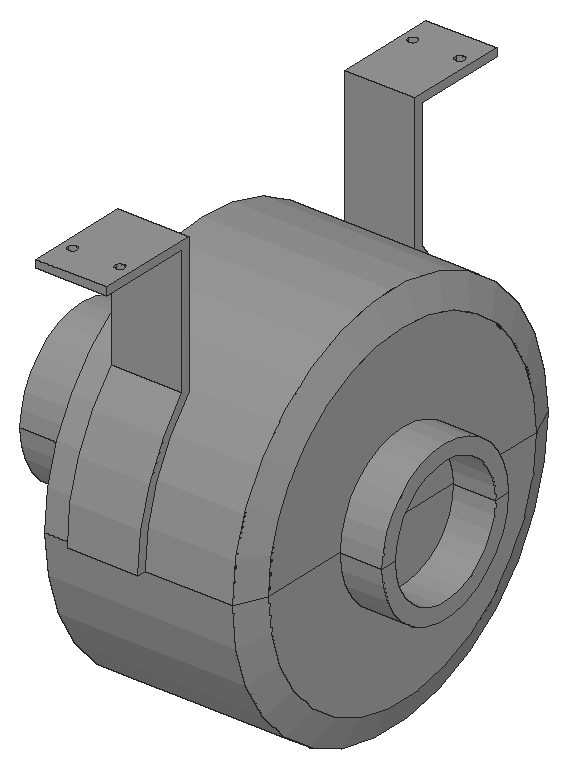
Revit family "Centro", category Mechanical Equipment, Revit 2021
Family settings
  Round Connector Dimension = Use Diameter
  Classification = None
  Part Type = Normal
  Work Plane-Based = No
  Always vertical = Yes
  Cut with Voids When Loaded = No
  Shared = No
  Room Calculation Point = No
Parameters (values of type "Centro 100")
  Сonnector E = not(or(Сonnector, Сonnector at an angle))  # yes
  Width = B1  # 310 mm
  Weight = 2.22 kg
  Temperature of moving air = "-25...+55 °C"
  Sound pressure level at 3 m distance = "40 dBA"
  Length = L  # 230 mm
  Height = if(Сonnector, H + 30 mm, H)  # 300 mm
  Diameter = D  # 100 mm
  Default Elevation = 0 mm
  Description = "For round channels"  # constant formula
  Bracket angle = or(D = 313.5 mm, D > 350 mm)  # no
  Bracket = not(Bracket angle)  # yes
  Сonnector at an angle = or(D = 313.5 mm, D > 350 mm)  # no
  Сonnector = no
  Manufacturer = "Blauberg"  # constant formula
  Voltage = if(Number of Fase = 3, 400 V, 230 V)  # 230 V
  URL = "https://blaubergventilatoren.de/en/series/centro"
  Ry = D / 2  # 50 mm
  R2 = R1 + 5 mm  # 130 mm
  R1 = D1 / 2  # 125 mm
  L4 = L3 + 15 mm  # 45 mm
  L3 = 30 mm
  L2 = 27 mm
  L1 = 30 mm
  L = 230 mm
  H1 = D1 / 2 + 50 mm  # 175 mm
  Pressure_Static_Air [instance] = 0.0 m³/h
  Power = 80 W
  Number of Fase = 1
  Maximum Air Flow = 250.0 m³/h
  Maintenance zone material = none
  Load Classification = "HVAC"
  H = D1 + 50 mm  # 300 mm
  Frequency = 50 Hz
  D = 100 mm
  D2 = D1 - 25 mm  # 225 mm
  D1 = 250 mm
  Dy = D - 4 mm  # 96 mm
  Casing Material = Metal, painted, grey, matt RAL 7040
  B2 = B1 - 80 mm  # 230 mm
  B1 = if(D > 350 mm, B + 30 mm, B + 40 mm)  # 310 mm
  B = 270 mm
  Apparent Load = Voltage * Amperage  # 78.2 VA
  Amperage = 0.34 A
  Air Flow [instance] = 0.0 m³/h
  09_System_Name [instance] = ""
  00_20_Type = "Centro 100"
  00_20_Name [instance] = "Centrifugal inline fan"  # constant formula
  00_20_Manufacturer = "Blauberg"  # constant formula
Types (66, lengths in mm): name | Сonnector E | Width | Weight | Temperature of moving air | Sound pressure level at 3 m distance | Length | Height | Diameter | Bracket angle | Bracket | Сonnector at an angle | Сonnector | URL | Ry | R2 | R1 | L4 | L3 | L2 | L1 | L | H1 | Power | Maximum Air Flow | H | D | D2 | D1 | Dy | Casing Material | B2 | B1 | B | Apparent Load | Amperage | 00_20_Type
  (no name) | yes | 310 | 2.22 kg | "-25...+55 °C" | "40 dBA" | 230 | 300 | 100 | no | yes | no | no | "https://blaubergventilatoren.de/en/series/centro" | 50 | 130 | 125 | 45 | 30 | 27 | 30 | 230 | 175 | 80 W | 250.0 m³/h | 300 | 100 | 225 | 250 | 96 | Metal, painted, grey, matt RAL 7040 | 230 | 310 | 270 | 78.2 VA | 0.34 A | "Centro 100"
  Centro 315 | yes | 454 | 4.85 kg | "-25...+55 °C" | "48 dBA" | 276 | 450 | 315 | no | yes | no | no | "https://blaubergventilatoren.de/en/series/centro" | 157.5 | 205 | 200 | 55 | 40 | 55 | 40 | 276 | 250 | 200 W | 1340.0 m³/h | 450 | 315 | 375 | 400 | 311 | Metal, painted, grey, matt RAL 7040 | 374 | 454 | 414 | 202.4 VA | 0.88 A | "Centro 315"
  Centro 100 | yes | 310 | 2.22 kg | "-25...+55 °C" | "40 dBA" | 230 | 300 | 100 | no | yes | no | no | "https://blaubergventilatoren.de/en/series/centro" | 50 | 130 | 125 | 45 | 30 | 27 | 30 | 230 | 175 | 80 W | 250.0 m³/h | 300 | 100 | 225 | 250 | 96 | Metal, painted, grey, matt RAL 7040 | 230 | 310 | 270 | 78.2 VA | 0.34 A | "Centro 100"
  Centro 100 L | yes | 310 | 2.22 kg | "-25...+55 °C" | "36 dBA" | 230 | 300 | 100 | no | yes | no | no | "https://blaubergventilatoren.de/en/series/centro" | 50 | 130 | 125 | 45 | 30 | 27 | 30 | 230 | 175 | 62 W | 205.0 m³/h | 300 | 100 | 225 | 250 | 96 | Metal, painted, grey, matt RAL 7040 | 230 | 310 | 270 | 87.4 VA | 0.38 A | "Centro 100 L"
  Centro 100 V2 | yes | 310 | 2.22 kg | "-25...+55 °C" | "38 dBA" | 230 | 300 | 100 | no | yes | no | no | "https://blaubergventilatoren.de/en/series/centro" | 50 | 130 | 125 | 45 | 30 | 27 | 30 | 230 | 175 | 57 W | 264.0 m³/h | 300 | 100 | 225 | 250 | 96 | Metal, painted, grey, matt RAL 7040 | 230 | 310 | 270 | 57.5 VA | 0.25 A | "Centro 100 V2"
  Centro 125 | yes | 310 | 2.20 kg | "-25...+55 °C" | "40 dBA" | 220 | 300 | 125 | no | yes | no | no | "https://blaubergventilatoren.de/en/series/centro" | 62.5 | 130 | 125 | 45 | 30 | 27 | 30 | 220 | 175 | 79 W | 264.0 m³/h | 300 | 125 | 225 | 250 | 121 | Metal, painted, grey, matt RAL 7040 | 230 | 310 | 270 | 78.2 VA | 0.34 A | "Centro 125"
  Centro 125 L | yes | 310 | 2.20 kg | "-25...+55 °C" | "36 dBA" | 220 | 300 | 125 | no | yes | no | no | "https://blaubergventilatoren.de/en/series/centro" | 62.5 | 130 | 125 | 45 | 30 | 27 | 30 | 220 | 175 | 61 W | 260.0 m³/h | 300 | 125 | 225 | 250 | 121 | Metal, painted, grey, matt RAL 7040 | 230 | 310 | 270 | 87.4 VA | 0.38 A | "Centro 125 L"
  Centro 125 V2 | yes | 310 | 2.20 kg | "-25...+55 °C" | "39 dBA" | 220 | 300 | 125 | no | yes | no | no | "https://blaubergventilatoren.de/en/series/centro" | 62.5 | 130 | 125 | 45 | 30 | 27 | 30 | 220 | 175 | 58 W | 329.0 m³/h | 300 | 125 | 225 | 250 | 121 | Metal, painted, grey, matt RAL 7040 | 230 | 310 | 270 | 59.8 VA | 0.26 A | "Centro 125 V2"
  Centro 150 | yes | 350 | 2.45 kg | "-25...+55 °C" | "42 dBA" | 286 | 350 | 150 | no | yes | no | no | "https://blaubergventilatoren.de/en/series/centro" | 75 | 155 | 150 | 45 | 30 | 30 | 30 | 286 | 200 | 80 W | 460.0 m³/h | 350 | 150 | 275 | 300 | 146 | Metal, painted, grey, matt RAL 7040 | 270 | 350 | 310 | 80.5 VA | 0.35 A | "Centro 150"
  Centro 150 V2 | yes | 350 | 2.45 kg | "-25...+55 °C" | "40 dBA" | 286 | 350 | 150 | no | yes | no | no | "https://blaubergventilatoren.de/en/series/centro" | 75 | 155 | 150 | 45 | 30 | 30 | 30 | 286 | 200 | 59 W | 445.0 m³/h | 350 | 150 | 275 | 300 | 146 | Metal, painted, grey, matt RAL 7040 | 270 | 350 | 310 | 59.8 VA | 0.26 A | "Centro 150 V2"
  Centro 200 | yes | 394 | 3.00 kg | "-25...+55 °C" | "46 dBA" | 276 | 390 | 200 | no | yes | no | no | "https://blaubergventilatoren.de/en/series/centro" | 100 | 175 | 170 | 55 | 40 | 30 | 30 | 276 | 220 | 107 W | 780.0 m³/h | 390 | 200 | 315 | 340 | 196 | Metal, painted, grey, matt RAL 7040 | 314 | 394 | 354 | 108.1 VA | 0.47 A | "Centro 200"
  Centro 200 max | yes | 394 | 3.00 kg | "-25...+55 °C" | "48 dBA" | 276 | 390 | 200 | no | yes | no | no | "https://blaubergventilatoren.de/en/series/centro" | 100 | 175 | 170 | 55 | 40 | 30 | 30 | 276 | 220 | 173 W | 930.0 m³/h | 390 | 200 | 315 | 340 | 196 | Metal, painted, grey, matt RAL 7040 | 314 | 394 | 354 | 174.8 VA | 0.76 A | "Centro 200 max"
  Centro 200 V2 | yes | 394 | 3.00 kg | "-25...+55 °C" | "42 dBA" | 276 | 390 | 200 | no | yes | no | no | "https://blaubergventilatoren.de/en/series/centro" | 100 | 175 | 170 | 55 | 40 | 30 | 30 | 276 | 220 | 95 W | 741.0 m³/h | 390 | 200 | 315 | 340 | 196 | Metal, painted, grey, matt RAL 7040 | 314 | 394 | 354 | 98.9 VA | 0.43 A | "Centro 200 V2"
  Centro 250 L | yes | 394 | 4.30 kg | "-25...+55 °C" | "47 dBA" | 265 | 390 | 250 | no | yes | no | no | "https://blaubergventilatoren.de/en/series/centro" | 125 | 175 | 170 | 55 | 40 | 30 | 30 | 265 | 220 | 108 W | 865.0 m³/h | 390 | 250 | 315 | 340 | 246 | Metal, painted, grey, matt RAL 7040 | 314 | 394 | 354 | 108.1 VA | 0.47 A | "Centro 250 L"
  Centro 250 | yes | 394 | 4.30 kg | "-25...+55 °C" | "49 dBA" | 265 | 390 | 250 | no | yes | no | no | "https://blaubergventilatoren.de/en/series/centro" | 125 | 175 | 170 | 55 | 40 | 30 | 30 | 265 | 220 | 173 W | 1080.0 m³/h | 390 | 250 | 315 | 340 | 246 | Metal, painted, grey, matt RAL 7040 | 314 | 394 | 354 | 174.8 VA | 0.76 A | "Centro 250"
  Centro 250 V2 | yes | 394 | 4.30 kg | "-25...+55 °C" | "46 dBA" | 265 | 390 | 250 | no | yes | no | no | "https://blaubergventilatoren.de/en/series/centro" | 125 | 175 | 170 | 55 | 40 | 30 | 30 | 265 | 220 | 176 W | 1126.0 m³/h | 390 | 250 | 315 | 340 | 246 | Metal, painted, grey, matt RAL 7040 | 314 | 394 | 354 | 174.8 VA | 0.76 A | "Centro 250 V2"
  Centro 315 V2 | yes | 454 | 4.85 kg | "-25...+55 °C" | "48 dBA" | 276 | 450 | 315 | no | yes | no | no | "https://blaubergventilatoren.de/en/series/centro" | 157.5 | 205 | 200 | 55 | 40 | 55 | 40 | 276 | 250 | 173 W | 1268.0 m³/h | 450 | 315 | 375 | 400 | 311 | Metal, painted, grey, matt RAL 7040 | 374 | 454 | 414 | 174.8 VA | 0.76 A | "Centro 315 V2"
  Centro 315 max | yes | 454 | 4.85 kg | "-25...+45 °C" | "57 dBA" | 276 | 450 | 315 | no | yes | no | no | "https://blaubergventilatoren.de/en/series/centro" | 157.5 | 205 | 200 | 55 | 40 | 55 | 40 | 276 | 250 | 310 W | 1700.0 m³/h | 450 | 315 | 375 | 400 | 311 | Metal, painted, grey, matt RAL 7040 | 374 | 454 | 414 | 312.8 VA | 1.36 A | "Centro 315 max"
  Centro-MZ 100 L | no | 300 | 2.50 kg | "-25...+55 °C" | "35 dBA" | 195 | 325 | 98 | no | yes | no | yes | "https://blaubergventilatoren.de/en/series/centro-mz" | 49 | 127.5 | 122.5 | 45 | 30 | 20 | 20 | 195 | 172.5 | 42 W | 230.0 m³/h | 295 | 98 | 220 | 245 | 94 | Steel, galvanized | 220 | 300 | 260 | 43.7 VA | 0.19 A | "Centro-MZ 100 L"
  Centro-MZ 125 L | no | 293 | 3.16 kg | "-25...+55 °C" | "35 dBA" | 202 | 317 | 123 | no | yes | no | yes | "https://blaubergventilatoren.de/en/series/centro-mz" | 61.5 | 123.5 | 118.5 | 45 | 30 | 22 | 23 | 202 | 168.5 | 60 W | 230.0 m³/h | 287 | 123 | 212 | 237 | 119 | Steel, galvanized | 213 | 293 | 253 | 85.1 VA | 0.37 A | "Centro-MZ 125 L"
  Centro-MZ 150 | no | 330 | 3.50 kg | "-25...+50 °C" | "44 dBA" | 170 | 354 | 149 | no | yes | no | yes | "https://blaubergventilatoren.de/en/series/centro-mz" | 74.5 | 142 | 137 | 45 | 30 | 20 | 20 | 170 | 187 | 64 W | 455.0 m³/h | 324 | 149 | 249 | 274 | 145 | Steel, galvanized | 250 | 330 | 290 | 66.7 VA | 0.29 A | "Centro-MZ 150"
  Centro-MZ 150 max | no | 395 | 5.60 kg | "-25...+60 °C" | "48 dBA" | 230 | 425 | 149 | no | yes | no | yes | "https://blaubergventilatoren.de/en/series/centro-mz" | 74.5 | 177.5 | 172.5 | 55 | 40 | 20 | 20 | 230 | 222.5 | 127 W | 710.0 m³/h | 395 | 149 | 320 | 345 | 145 | Steel, galvanized | 315 | 395 | 355 | 128.8 VA | 0.56 A | "Centro-MZ 150 max"
  Centro-MZ 160 | no | 334 | 3.44 kg | "-25...+55 °C" | "46 dBA" | 200 | 358 | 158 | no | yes | no | yes | "https://blaubergventilatoren.de/en/series/centro-mz" | 79 | 144 | 139 | 45 | 30 | 23 | 25 | 200 | 189 | 78 W | 455.0 m³/h | 328 | 158 | 253 | 278 | 154 | Steel, galvanized | 254 | 334 | 294 | 78.2 VA | 0.34 A | "Centro-MZ 160"
  Centro-MZ 200 L | no | 380 | 5.43 kg | "-25...+50 °C" | "48 dBA" | 245 | 412 | 198 | no | yes | no | yes | "https://blaubergventilatoren.de/en/series/centro-mz" | 99 | 171 | 166 | 55 | 40 | 29 | 25 | 245 | 216 | 130 W | 900.0 m³/h | 382 | 198 | 307 | 332 | 194 | Steel, galvanized | 300 | 380 | 340 | 128.8 VA | 0.56 A | "Centro-MZ 200 L"
  Centro-MZ 250 L | no | 380 | 5.25 kg | "-25...+50 °C" | "51 dBA" | 213 | 412 | 249 | no | yes | no | yes | "https://blaubergventilatoren.de/en/series/centro-mz" | 124.5 | 171 | 166 | 55 | 40 | 29 | 25 | 213 | 216 | 134 W | 980.0 m³/h | 382 | 249 | 307 | 332 | 245 | Steel, galvanized | 300 | 380 | 340 | 135.7 VA | 0.59 A | "Centro-MZ 250 L"
  Centro-MZ 315 L | no | 450 | 6.57 kg | "-25...+50 °C" | "52 dBA" | 308 | 482 | 313 | no | yes | no | yes | "https://blaubergventilatoren.de/en/series/centro-mz" | 156.5 | 206 | 201 | 55 | 40 | 55 | 33 | 308 | 251 | 151 W | 1330.0 m³/h | 452 | 313 | 377 | 402 | 309 | Steel, galvanized | 370 | 450 | 410 | 151.8 VA | 0.66 A | "Centro-MZ 315 L"
  Centro-MZ 100 | no | 300 | 2.80 kg | "-25...+55 °C" | "46 dBA" | 195 | 325 | 98 | no | yes | no | yes | "https://blaubergventilatoren.de/en/series/centro-mz" | 49 | 127.5 | 122.5 | 45 | 30 | 20 | 20 | 195 | 172.5 | 62 W | 250.0 m³/h | 295 | 98 | 220 | 245 | 94 | Steel, galvanized | 220 | 300 | 260 | 64.4 VA | 0.28 A | "Centro-MZ 100"
  Centro-MZ 125 | no | 293 | 3.16 kg | "-25...+55 °C" | "46 dBA" | 202 | 317 | 123 | no | yes | no | yes | "https://blaubergventilatoren.de/en/series/centro-mz" | 61.5 | 123.5 | 118.5 | 45 | 30 | 22 | 23 | 202 | 168.5 | 78 W | 330.0 m³/h | 287 | 123 | 212 | 237 | 119 | Steel, galvanized | 213 | 293 | 253 | 78.2 VA | 0.34 A | "Centro-MZ 125"
  Centro-MZ 200 | no | 380 | 5.43 kg | "-25...+50 °C" | "50 dBA" | 245 | 412 | 198 | no | yes | no | yes | "https://blaubergventilatoren.de/en/series/centro-mz" | 99 | 171 | 166 | 55 | 40 | 29 | 25 | 245 | 216 | 144 W | 1000.0 m³/h | 382 | 198 | 307 | 332 | 194 | Steel, galvanized | 300 | 380 | 340 | 144.9 VA | 0.63 A | "Centro-MZ 200"
  Centro-MZ 250 | no | 380 | 5.25 kg | "-25...+50 °C" | "52 dBA" | 213 | 412 | 249 | no | yes | no | yes | "https://blaubergventilatoren.de/en/series/centro-mz" | 124.5 | 171 | 166 | 55 | 40 | 29 | 25 | 213 | 216 | 152 W | 1070.0 m³/h | 382 | 249 | 307 | 332 | 245 | Steel, galvanized | 300 | 380 | 340 | 151.8 VA | 0.66 A | "Centro-MZ 250"
  Centro-MZ 315 | no | 450 | 6.57 kg | "-25...+45 °C" | "53 dBA" | 308 | 482 | 313 | no | yes | no | yes | "https://blaubergventilatoren.de/en/series/centro-mz" | 156.5 | 206 | 201 | 55 | 40 | 55 | 33 | 308 | 251 | 185 W | 1540.0 m³/h | 452 | 313 | 377 | 402 | 309 | Steel, galvanized | 370 | 450 | 410 | 186.3 VA | 0.81 A | "Centro-MZ 315"
  Centro-M 100 L | no | 310 | 2.90 kg | "-25...+45 °C" | "38 dBA" | 205 | 305 | 98 | no | yes | no | yes | "https://blaubergventilatoren.de/en/series/centro-m" | 49 | 117.5 | 112.5 | 45 | 30 | 25 | 20 | 205 | 162.5 | 45 W | 233.0 m³/h | 275 | 98 | 200 | 225 | 94 | Metal, painted, grey, matt RAL 7040 | 230 | 310 | 270 | 55.2 VA | 0.24 A | "Centro-M 100 L"
  Centro-M 100 | no | 310 | 3.20 kg | "-25...+45 °C" | "40 dBA" | 205 | 305 | 98 | no | yes | no | yes | "https://blaubergventilatoren.de/en/series/centro-m" | 49 | 117.5 | 112.5 | 45 | 30 | 25 | 20 | 205 | 162.5 | 60 W | 279.0 m³/h | 275 | 98 | 200 | 225 | 94 | Metal, painted, grey, matt RAL 7040 | 230 | 310 | 270 | 64.4 VA | 0.28 A | "Centro-M 100"
  Centro-M 125 L | no | 310 | 2.90 kg | "-25...+45 °C" | "37 dBA" | 205 | 305 | 123 | no | yes | no | yes | "https://blaubergventilatoren.de/en/series/centro-m" | 61.5 | 117.5 | 112.5 | 45 | 30 | 25 | 20 | 205 | 162.5 | 47 W | 326.0 m³/h | 275 | 123 | 200 | 225 | 119 | Metal, painted, grey, matt RAL 7040 | 230 | 310 | 270 | 57.5 VA | 0.25 A | "Centro-M 125 L"
  Centro-M 125 | no | 310 | 3.20 kg | "-25...+45 °C" | "40 dBA" | 205 | 305 | 123 | no | yes | no | yes | "https://blaubergventilatoren.de/en/series/centro-m" | 61.5 | 117.5 | 112.5 | 45 | 30 | 25 | 20 | 205 | 162.5 | 64 W | 360.0 m³/h | 275 | 123 | 200 | 225 | 119 | Metal, painted, grey, matt RAL 7040 | 230 | 310 | 270 | 66.7 VA | 0.29 A | "Centro-M 125"
  Centro-M 150 | no | 395 | 5.10 kg | "-25...+45 °C" | "45 dBA" | 200 | 425 | 149 | no | yes | no | yes | "https://blaubergventilatoren.de/en/series/centro-m" | 74.5 | 177.5 | 172.5 | 55 | 40 | 20 | 20 | 200 | 222.5 | 100 W | 580.0 m³/h | 395 | 149 | 320 | 345 | 145 | Metal, painted, grey, matt RAL 7040 | 315 | 395 | 355 | 103.5 VA | 0.45 A | "Centro-M 150"
  Centro-M 150 max | no | 395 | 5.60 kg | "-25...+45 °C" | "48 dBA" | 230 | 425 | 149 | no | yes | no | yes | "https://blaubergventilatoren.de/en/series/centro-m" | 74.5 | 177.5 | 172.5 | 55 | 40 | 20 | 20 | 230 | 222.5 | 127 W | 710.0 m³/h | 395 | 149 | 320 | 345 | 145 | Metal, painted, grey, matt RAL 7040 | 315 | 395 | 355 | 126.5 VA | 0.55 A | "Centro-M 150 max"
  Centro-M 160 | no | 360 | 5.00 kg | "-25...+45 °C" | "45 dBA" | 220 | 385 | 159 | no | yes | no | yes | "https://blaubergventilatoren.de/en/series/centro-m" | 79.5 | 157.5 | 152.5 | 45 | 30 | 25 | 25 | 220 | 202.5 | 99 W | 567.0 m³/h | 355 | 159 | 280 | 305 | 155 | Metal, painted, grey, matt RAL 7040 | 280 | 360 | 320 | 101.2 VA | 0.44 A | "Centro-M 160"
  Centro-M 160 max | no | 390 | 6.40 kg | "-25...+45 °C" | "48 dBA" | 245 | 420 | 158 | no | yes | no | yes | "https://blaubergventilatoren.de/en/series/centro-m" | 79 | 175 | 170 | 55 | 40 | 20 | 25 | 245 | 220 | 121 W | 690.0 m³/h | 390 | 158 | 315 | 340 | 154 | Metal, painted, grey, matt RAL 7040 | 310 | 390 | 350 | 121.9 VA | 0.53 A | "Centro-M 160 max"
  Centro-M 200 | no | 395 | 6.60 kg | "-25...+45 °C" | "48 dBA" | 255 | 425 | 198 | no | yes | no | yes | "https://blaubergventilatoren.de/en/series/centro-m" | 99 | 177.5 | 172.5 | 55 | 40 | 30 | 25 | 255 | 222.5 | 135 W | 1070.0 m³/h | 395 | 198 | 320 | 345 | 194 | Metal, painted, grey, matt RAL 7040 | 315 | 395 | 355 | 135.7 VA | 0.59 A | "Centro-M 200"
  Centro-M 200 max | no | 395 | 8.30 kg | "-25...+45 °C" | "49 dBA" | 255 | 425 | 198 | no | yes | no | yes | "https://blaubergventilatoren.de/en/series/centro-m" | 99 | 177.5 | 172.5 | 55 | 40 | 30 | 25 | 255 | 222.5 | 193 W | 1150.0 m³/h | 395 | 198 | 320 | 345 | 194 | Metal, painted, grey, matt RAL 7040 | 315 | 395 | 355 | 193.2 VA | 0.84 A | "Centro-M 200 max"
  Centro-M 250 E | no | 395 | 6.20 kg | "-25...+45 °C" | "47 dBA" | 250 | 425 | 248 | no | yes | no | yes | "https://blaubergventilatoren.de/en/series/centro-m" | 124 | 177.5 | 172.5 | 55 | 40 | 30 | 25 | 250 | 222.5 | 95 W | 900.0 m³/h | 395 | 248 | 320 | 345 | 244 | Metal, painted, grey, matt RAL 7040 | 315 | 395 | 355 | 108.1 VA | 0.47 A | "Centro-M 250 E"
  Centro-M 250 | no | 395 | 8.40 kg | "-25...+45 °C" | "50 dBA" | 250 | 425 | 248 | no | yes | no | yes | "https://blaubergventilatoren.de/en/series/centro-m" | 124 | 177.5 | 172.5 | 55 | 40 | 30 | 25 | 250 | 222.5 | 194 W | 1420.0 m³/h | 395 | 248 | 320 | 345 | 244 | Metal, painted, grey, matt RAL 7040 | 315 | 395 | 355 | 195.5 VA | 0.85 A | "Centro-M 250"
  Centro-M 315 | no | 455 | 8.00 kg | "-25...+45 °C" | "52 dBA" | 260 | 485 | 314 | no | yes | no | yes | "https://blaubergventilatoren.de/en/series/centro-m" | 157 | 207.5 | 202.5 | 55 | 40 | 30 | 30 | 260 | 252.5 | 171 W | 1440.0 m³/h | 455 | 314 | 380 | 405 | 310 | Metal, painted, grey, matt RAL 7040 | 375 | 455 | 415 | 177.1 VA | 0.77 A | "Centro-M 315"
  Centro-M 315 max | no | 455 | 8.80 kg | "-25...+45 °C" | "54 dBA" | 290 | 485 | 314 | no | yes | no | yes | "https://blaubergventilatoren.de/en/series/centro-m" | 157 | 207.5 | 202.5 | 55 | 40 | 30 | 30 | 290 | 252.5 | 295 W | 1920.0 m³/h | 455 | 314 | 380 | 405 | 310 | Metal, painted, grey, matt RAL 7040 | 375 | 455 | 415 | 308.2 VA | 1.34 A | "Centro-M 315 max"
  Centro-M 355 L | no | 552 | 18.80 kg | "-25...+45 °C" | "58 dBA" | 506 | 510 | 353 | yes | no | yes | no | "https://blaubergventilatoren.de/en/series/centro-m" | 176.5 | 235 | 230 | 85 | 70 | 60 | 60 | 506 | 280 | 233 W | 2250.0 m³/h | 510 | 353 | 435 | 460 | 349 | Metal, painted, grey, matt RAL 7040 | 472 | 552 | 522 | 243.8 VA | 1.06 A | "Centro-M 355 L"
  Centro-M 400 | no | 664 | 25.10 kg | "-40...+80°C" | "61 dBA" | 570 | 620 | 398 | yes | no | yes | no | "https://blaubergventilatoren.de/en/series/centro-m" | 199 | 290 | 285 | 85 | 70 | 60 | 60 | 570 | 335 | 460 W | 3090.0 m³/h | 620 | 398 | 545 | 570 | 394 | Metal, painted, grey, matt RAL 7040 | 584 | 664 | 634 | 512.9 VA | 2.23 A | "Centro-M 400"
  Centro-M 450 | no | 700 | 27.26 kg | "-40...+70 °C" | "65 dBA" | 644 | 658 | 448 | yes | no | yes | no | "https://blaubergventilatoren.de/en/series/centro-m" | 224 | 309 | 304 | 95 | 80 | 60 | 60 | 644 | 354 | 665 W | 5300.0 m³/h | 658 | 448 | 583 | 608 | 444 | Metal, painted, grey, matt RAL 7040 | 620 | 700 | 670 | 664.7 VA | 2.89 A | "Centro-M 450"
  Centro EC 100 | yes | 310 | 2.00 kg | "-25...+60 °C" | "40 dBA" | 230 | 300 | 100 | no | yes | no | no | "https://blaubergventilatoren.de/en/series/centro-ec" | 50 | 130 | 125 | 45 | 30 | 27 | 30 | 230 | 175 | 82 W | 340.0 m³/h | 300 | 100 | 225 | 250 | 96 | Пластмасса, непрозрачная, серая | 230 | 310 | 270 | 142.6 VA | 0.62 A | "Centro EC 100"
  Centro EC 125 | yes | 310 | 2.20 kg | "-25...+60 °C" | "42 dBA" | 220 | 300 | 125 | no | yes | no | no | "https://blaubergventilatoren.de/en/series/centro-ec" | 62.5 | 130 | 125 | 45 | 30 | 27 | 30 | 220 | 175 | 84 W | 420.0 m³/h | 300 | 125 | 225 | 250 | 121 | Пластмасса, непрозрачная, серая | 230 | 310 | 270 | 147.2 VA | 0.64 A | "Centro EC 125"
  Centro EC 150 | yes | 350 | 2.50 kg | "-25...+60 °C" | "45 dBA" | 286 | 350 | 150 | no | yes | no | no | "https://blaubergventilatoren.de/en/series/centro-ec" | 75 | 155 | 150 | 45 | 30 | 30 | 30 | 286 | 200 | 82 W | 630.0 m³/h | 350 | 150 | 275 | 300 | 146 | Пластмасса, непрозрачная, серая | 270 | 350 | 310 | 144.9 VA | 0.63 A | "Centro EC 150"
  Centro EC 200 | yes | 394 | 3.00 kg | "-25...+60 °C" | "47 dBA" | 276 | 390 | 200 | no | yes | no | no | "https://blaubergventilatoren.de/en/series/centro-ec" | 100 | 175 | 170 | 55 | 40 | 30 | 30 | 276 | 220 | 84 W | 885.0 m³/h | 390 | 200 | 315 | 340 | 196 | Пластмасса, непрозрачная, серая | 314 | 394 | 354 | 147.2 VA | 0.64 A | "Centro EC 200"
  Centro EC 250 | yes | 394 | 4.30 kg | "-25...+60 °C" | "48 dBA" | 265 | 390 | 250 | no | yes | no | no | "https://blaubergventilatoren.de/en/series/centro-ec" | 125 | 175 | 170 | 55 | 40 | 30 | 30 | 265 | 220 | 165 W | 1250.0 m³/h | 390 | 250 | 315 | 340 | 246 | Пластмасса, непрозрачная, серая | 314 | 394 | 354 | 253 VA | 1.1 A | "Centro EC 250"
  Centro EC 315 | yes | 454 | 4.90 kg | "-25...+60 °C" | "48 dBA" | 276 | 450 | 315 | no | yes | no | no | "https://blaubergventilatoren.de/en/series/centro-ec" | 157.5 | 205 | 200 | 55 | 40 | 55 | 40 | 276 | 250 | 165 W | 1500.0 m³/h | 450 | 315 | 375 | 400 | 311 | Пластмасса, непрозрачная, серая | 374 | 454 | 414 | 264.5 VA | 1.15 A | "Centro EC 315"
  Centro-M EC 100 | no | 310 | 3.45 kg | "-25...+60 °C" | "44 dBA" | 203 | 335 | 98 | no | yes | no | yes | "https://blaubergventilatoren.de/en/series/centro-m-ec" | 49 | 132.5 | 127.5 | 45 | 30 | 25 | 20 | 203 | 177.5 | 90 W | 345.0 m³/h | 305 | 98 | 230 | 255 | 94 | Metal, painted, grey, matt RAL 7040 | 230 | 310 | 270 | 161 VA | 0.7 A | "Centro-M EC 100"
  Centro-M EC 125 | no | 310 | 3.58 kg | "-25...+60 °C" | "45 dBA" | 203 | 335 | 123 | no | yes | no | yes | "https://blaubergventilatoren.de/en/series/centro-m-ec" | 61.5 | 132.5 | 127.5 | 45 | 30 | 25 | 20 | 203 | 177.5 | 83 W | 480.0 m³/h | 305 | 123 | 230 | 255 | 119 | Metal, painted, grey, matt RAL 7040 | 230 | 310 | 270 | 133.4 VA | 0.58 A | "Centro-M EC 125"
  Centro-M EC 150 | no | 360 | 4.70 kg | "-25...+60 °C" | "48 dBA" | 240 | 385 | 149 | no | yes | no | yes | "https://blaubergventilatoren.de/en/series/centro-m-ec" | 74.5 | 157.5 | 152.5 | 45 | 30 | 25 | 25 | 240 | 202.5 | 107 W | 700.0 m³/h | 355 | 149 | 280 | 305 | 145 | Metal, painted, grey, matt RAL 7040 | 280 | 360 | 320 | 204.7 VA | 0.89 A | "Centro-M EC 150"
  Centro-M EC 160 | no | 360 | 4.90 kg | "-25...+60 °C" | "48 dBA" | 240 | 385 | 159 | no | yes | no | yes | "https://blaubergventilatoren.de/en/series/centro-m-ec" | 79.5 | 157.5 | 152.5 | 45 | 30 | 25 | 25 | 240 | 202.5 | 108 W | 785.0 m³/h | 355 | 159 | 280 | 305 | 155 | Metal, painted, grey, matt RAL 7040 | 280 | 360 | 320 | 207 VA | 0.9 A | "Centro-M EC 160"
  Centro-M EC 200 | no | 395 | 5.70 kg | "-25...+60 °C" | "47 dBA" | 245 | 425 | 198 | no | yes | no | yes | "https://blaubergventilatoren.de/en/series/centro-m-ec" | 99 | 177.5 | 172.5 | 55 | 40 | 30 | 25 | 245 | 222.5 | 83 W | 845.0 m³/h | 395 | 198 | 320 | 345 | 194 | Metal, painted, grey, matt RAL 7040 | 315 | 395 | 355 | 144.9 VA | 0.63 A | "Centro-M EC 200"
  Centro-M EC 200 max | no | 395 | 5.70 kg | "-25...+60 °C" | "48 dBA" | 255 | 425 | 198 | no | yes | no | yes | "https://blaubergventilatoren.de/en/series/centro-m-ec" | 99 | 177.5 | 172.5 | 55 | 40 | 30 | 25 | 255 | 222.5 | 100 W | 1010.0 m³/h | 395 | 198 | 320 | 345 | 194 | Metal, painted, grey, matt RAL 7040 | 315 | 395 | 355 | 170.2 VA | 0.74 A | "Centro-M EC 200 max"
  Centro-M EC 250 | no | 395 | 5.09 kg | "-25...+60 °C" | "46 dBA" | 250 | 425 | 248 | no | yes | no | yes | "https://blaubergventilatoren.de/en/series/centro-m-ec" | 124 | 177.5 | 172.5 | 55 | 40 | 30 | 25 | 250 | 222.5 | 164 W | 1230.0 m³/h | 395 | 248 | 320 | 345 | 244 | Metal, painted, grey, matt RAL 7040 | 315 | 395 | 355 | 264.5 VA | 1.15 A | "Centro-M EC 250"
  Centro-M EC 315 | no | 455 | 7.30 kg | "-25...+60 °C" | "48 dBA" | 260 | 485 | 314 | no | yes | no | yes | "https://blaubergventilatoren.de/en/series/centro-m-ec" | 157 | 207.5 | 202.5 | 55 | 40 | 30 | 30 | 260 | 252.5 | 164 W | 1370.0 m³/h | 455 | 314 | 380 | 405 | 310 | Metal, painted, grey, matt RAL 7040 | 375 | 455 | 415 | 264.5 VA | 1.15 A | "Centro-M EC 315"
  Centro-M EC 315 max | no | 512 | 9.42 kg | "-25...+60 °C" | "49 dBA" | 462 | 460 | 313.5 | yes | no | yes | no | "https://blaubergventilatoren.de/en/series/centro-m-ec" | 156.75 | 210 | 205 | 65 | 50 | 60 | 60 | 462 | 255 | 183 W | 1820.0 m³/h | 460 | 313.5 | 385 | 410 | 309.5 | Metal, painted, grey, matt RAL 7040 | 432 | 512 | 472 | 331.2 VA | 1.44 A | "Centro-M EC 315 max"
  Centro-M EC 355 | no | 552 | 15.80 kg | "-25...+60 °C" | "62 dBA" | 562 | 510 | 353 | yes | no | yes | no | "https://blaubergventilatoren.de/en/series/centro-m-ec" | 176.5 | 235 | 230 | 85 | 70 | 60 | 60 | 562 | 280 | 693 W | 3450.0 m³/h | 510 | 353 | 435 | 460 | 349 | Metal, painted, grey, matt RAL 7040 | 472 | 552 | 522 | 706.1 VA | 3.07 A | "Centro-M EC 355"
  Centro-M EC 400 | no | 664 | 15.80 kg | "-25...+60 °C" | "67 dBA" | 599 | 620 | 398 | yes | no | yes | no | "https://blaubergventilatoren.de/en/series/centro-m-ec" | 199 | 290 | 285 | 85 | 70 | 60 | 60 | 599 | 335 | 704 W | 4790.0 m³/h | 620 | 398 | 545 | 570 | 394 | Metal, painted, grey, matt RAL 7040 | 584 | 664 | 634 | 719.9 VA | 3.13 A | "Centro-M EC 400"
  Centro-M EC 250 L | no | 395 | 5.09 kg | "-25...+60 °C" | "44 dBA" | 250 | 425 | 248 | no | yes | no | yes | "https://blaubergventilatoren.de/en/series/centro-m-ec" | 124 | 177.5 | 172.5 | 55 | 40 | 30 | 25 | 250 | 222.5 | 100 W | 985.0 m³/h | 395 | 248 | 320 | 345 | 244 | Metal, painted, grey, matt RAL 7040 | 315 | 395 | 355 | 170.2 VA | 0.74 A | "Centro-M EC 250 L"
Reference planes
  plane 1 "По центру (Вперед/Назад)": y = 0
  plane 2: z = 0
  plane 3 "По центру (Влево/Вправо)": x = 0
  plane 4 "Вращение": z = -175
  plane 5: y = -155
  plane 6: y = 155
  plane 7 "E": z = -300
  plane 8: y = 135
  plane 9: y = -135
  plane 10: through (0, -37.577, -188.677) normal (0, 0.342, -0.9397)
Forms (mm)
  Revolve 1, solid, material "Metal, painted, grey, matt RAL 7040" <- "Casing Material"
    sketch origin (0, 0, -175) x (1, 0, 0) y (0, 1, 0)
      loop
        line (113.5, -40) -> (86.5, -40) -> (86.5, 0) -> (-86.5, 0) -> (-86.5, -40) -> (-116.5, -40) -> (-116.5, -50) -> (-86.5, -50) -> (-40.695, -125) -> (78.487, -125) -> (86.5, -106.5) -> (86.5, -50) -> (113.5, -50) -> (113.5, -40)
      axis (113.5, 0) -> (-116.5, 0)
    angle from 0 to 360
  Extrusion 2, solid, material "Metal, painted, grey, matt RAL 7040" <- "Casing Material", visible <- "Сonnector E"
    sketch origin (0, 0, 0) x (1, 0, 0) y (0, 0, 1)
      loop
        line (-80.695, -175) -> (-80.695, -290)
        arc (-80.695, -290) -> (-77.766, -297.071) -> (-70.695, -300) r 10
        line (-70.695, -300) -> (-40.695, -300) -> (-40.695, -175) -> (-80.695, -175)
    from 25 to -25
  Extrusion 3, solid, material "Steel, galvanized", visible <- "Bracket angle"
    sketch origin (0, 0, 0) x (0, 1, 0) y (0, 0, 1)
      loop
        line (-155, -175) -> (-125, -175) -> (-125, -125) -> (-130, -125) -> (-130, -170) -> (-155, -170) -> (-155, -175)
      loop
        line (155, -175) -> (155, -170) -> (130, -170) -> (130, -125) -> (125, -125) -> (125, -175) -> (155, -175)
    from -22.5 to 22.5
  Extrusion 4, void
    sketch origin (0, 0, -175) x (1, 0, 0) y (0, 1, 0)
      loop
        circle (-15, 135) r 3
      loop
        circle (15, 135) r 3
      loop
        circle (-15, -135) r 3
      loop
        circle (15, -135) r 3
    from 0 to 5
Cuts and joins
  Extrusion 4 cuts Extrusion 3
Dimensions and locks
  "H1": plane 4 "Вращение" to level
  "Ry": Revolve 1 sketch curve to plane 1 "По центру (Вперед/Назад)"  (x2)
  locked: Revolve 1 sketch curve to Revolve 1 sketch curve at 10  (x2)
  equal spacing: plane 6, plane 1 "По центру (Вперед/Назад)", plane 5
  "B1": plane 6 to plane 5
  "L": Revolve 1 sketch curve to Revolve 1 sketch curve
  "L1": Revolve 1 sketch curve to Revolve 1 sketch curve
  "L2": Revolve 1 sketch curve to Revolve 1 sketch curve  (x2)
  equal spacing: Revolve 1 sketch curve, nested 1, Revolve 1 sketch curve
  "R1": Revolve 1 sketch curve to plane 1 "По центру (Вперед/Назад)"
  "H": plane 7 "E" to level
  locked: Extrusion 2 sketch curve to Extrusion 2 sketch curve at 40
  locked: nested 2 to plane 1 "По центру (Вперед/Назад)" at 25
  locked: Extrusion 2 to nested 2 at 30
  locked: nested 2 to plane 7 "E" at 10
  locked: Extrusion 3 sketch curve to Extrusion 3 sketch curve at 5  (x4)
  equal spacing: Extrusion 3 sketch curve, plane 1 "По центру (Вперед/Назад)", Extrusion 3 sketch curve  (x2)
  "D1": Extrusion 3 sketch curve to Extrusion 3 sketch curve
  locked: Extrusion 3 sketch curve to plane 4 "Вращение" at 50  (x2)
  "B1": Extrusion 3 sketch curve to Extrusion 3 sketch curve
  equal spacing: Extrusion 3, plane 3 "По центру (Влево/Вправо)", Extrusion 3
  "L4": Extrusion 3 to Extrusion 3
  equal spacing: plane 8, plane 1 "По центру (Вперед/Назад)", plane 9
  "B": plane 8 to plane 9
  equal spacing: Extrusion 4 sketch curve, plane 3 "По центру (Влево/Вправо)", Extrusion 4 sketch curve  (x2)
  "L3": Extrusion 4 sketch curve to Extrusion 4 sketch curve  (x2)
  locked: Extrusion 4 to plane 4 "Вращение" at 5
  "R1": plane 4 "Вращение" to nested 4
  locked: plane 10 to plane 4 "Вращение" (angle 20.00°)
  aligned and locked: level to plane 2
  aligned and locked: plane 1 "По центру (Вперед/Назад)" to Revolve 1 sketch curve
  aligned and locked: plane 3 "По центру (Влево/Вправо)" to nested 1
  aligned and locked: plane 1 "По центру (Вперед/Назад)" to nested 1
  aligned and locked: plane 7 "E" to Extrusion 2 sketch curve
  aligned and locked: plane 4 "Вращение" to Extrusion 2 sketch curve
  aligned and locked: Extrusion 2 sketch curve to Revolve 1
  aligned and locked: nested 3 to plane 3 "По центру (Влево/Вправо)"
  aligned and locked: plane 8 to Extrusion 4 sketch curve  (x2)
  aligned and locked: plane 9 to Extrusion 4 sketch curve  (x2)
  aligned and locked: Extrusion 4 to plane 4 "Вращение"
  aligned and locked: nested 3 to plane 1 "По центру (Вперед/Назад)"
  aligned and locked: plane 7 "E" to nested 3
  aligned and locked: nested 4 to plane 10
Automatic sketch dimensions
  plane 1 "По центру (Вперед/Назад)" to Revolve 1 sketch curve = 0 mm
  Revolve 1 sketch curve to Revolve 1 sketch curve = 0 mm
  Revolve 1 sketch curve to plane 3 "По центру (Влево/Вправо)" = 40.695 mm
  Revolve 1 sketch curve to Revolve 1 sketch curve = 8.013 mm
  Revolve 1 sketch curve to plane 3 "По центру (Влево/Вправо)" = 34.423 mm
  plane 3 "По центру (Влево/Вправо)" to Revolve 1 sketch curve = 12.269 mm
  Revolve 1 sketch curve to Revolve 1 sketch curve = 18.5 mm
  plane 7 "E" to Extrusion 2 sketch curve = 10 mm
  Extrusion 3 sketch curve to plane 4 "Вращение" = 0 mm  (x2)
  radius of Extrusion 4 sketch curve = 3 mm  (x4)
Nested families
  nested 1: "Bracket" at (0, 0, 0), visible <- "Bracket", type "Bracket"
    with Pressure_Static_Air 0.0 m³/h, Maximum Air Flow 252.0 m³/h, Air Flow 0.0 m³/h, 09_System_Name "", 00_20_Type "ВКМ 100", 00_20_Name "Кріплення", L4 45 mm, L3 30 mm, H1 175 mm, D2 260 mm, D1 250 mm, B2 190 mm, B 270 mm, B1 310 mm
  nested 2: "Сonnector" at (-70.695, -25, -290) x (1, 0, 0) z (0, -1, 0), visible <- "Сonnector E", type "16"
  nested 3: "Electrical box" at (0, 0, -300) x (0, 1, 0) z (0, 0, -1), visible <- "Сonnector", type "50x50"
  nested 4: "Electrical box" at (0, 117.462, -132.247) x (0, -0.342, 0.9397) z (0, 0.9397, 0.342), visible <- "Сonnector at an angle", type "50x50"
Connectors
  hvac at (-116.5, 0, -175), driven by "D"
    settings: on Revolve 1, index 1, duct flow 0.0 m³/h, flow factor 0, pres drop 0.0 Pa, loss coef 0, conn angle 0.00°, conn width 304.8 mm, conn height 304.8 mm, conn diameter 100 mm, duct sys type 3, conn prof type 0, flow config 0, flow direction 2, loss method 0, conn ref index -1, conn util no, is conn primary yes, conn desc ""
  hvac at (113.5, 0, -175), driven by "D"
    settings: on Revolve 1, index 2, duct flow 0.0 m³/h, flow factor 0, pres drop 0.0 Pa, loss coef 0, conn angle 0.00°, conn width 304.8 mm, conn height 304.8 mm, conn diameter 100 mm, duct sys type 3, conn prof type 0, flow config 0, flow direction 1, loss method 0, conn ref index -1, conn util no, is conn primary no, conn desc ""
Definition of nested family "Bracket"
  Parameters (values of type "Крепление")
    Default Elevation = 0 mm
    Manufacturer = "Blauberg"  # constant formula
    Ry = 48 mm
    L4 = L3 + 15 mm  # 85 mm
    L3 = 70 mm
    H1 = D1 / 2 + 50 mm  # 280 mm
    Pressure_Static_Air [instance] = 0.0 m³/h
    Maximum Air Flow [instance] = 252.0 m³/h
    Maintenance zone material = none
    Load Classification = "HVAC"
    D2 = D1 + 10 mm  # 470 mm
    D1 = 460 mm
    Casing Material = none
    B2 = B - 80 mm  # 442 mm
    B = 522 mm
    B1 = B + 40 mm  # 562 mm
    Air Flow [instance] = 0.0 m³/h
    09_System_Name [instance] = ""
    00_20_Type [instance] = "ВКМ 100"
    00_20_Name [instance] = "Кріплення"  # constant formula
    00_20_Manufacturer = "Blauberg"  # constant formula
  Reference planes
    plane 1 "По центру (Вперед/Назад)": y = 0
    plane 2: z = 0
    plane 3 "По центру (Влево/Вправо)": x = 0
    plane 4 "Вращение": z = -280
    plane 5: y = -261
    plane 6: y = 261
    plane 7: x = 35
    plane 8: x = -35
  Forms (mm)
    Extrusion 1, solid
      sketch origin (0, -7.5, 0) x (0, 1, 0) y (0, 0, 1)
        loop
          line (288.5, 0) -> (223.5, 0) -> (223.5, -200.981)
          arc (223.5, -200.981) -> (233.973, -239.875) -> (237.5, -280) r 230
          line (237.5, -280) -> (242.5, -280)
          arc (242.5, -280) -> (238.974, -239.441) -> (228.5, -200.1) r 235
          line (228.5, -200.1) -> (228.5, -5) -> (288.5, -5) -> (288.5, 0)
        loop
          line (-273.5, 0) -> (-273.5, -5) -> (-213.5, -5) -> (-213.5, -200.1)
          arc (-213.5, -200.1) -> (-223.974, -239.441) -> (-227.5, -280) r 235
          line (-227.5, -280) -> (-222.5, -280)
          arc (-222.5, -280) -> (-218.973, -239.875) -> (-208.5, -200.981) r 230
          line (-208.5, -200.981) -> (-208.5, 0) -> (-273.5, 0)
      from -42.5 to 42.5
    Extrusion 2, void
      sketch origin (0, 0, -280) x (1, 0, 0) y (0, 1, 0)
        loop
          circle (-35, 261) r 3
        loop
          circle (35, 261) r 3
      from 275 to 280
    Extrusion 3, void
      sketch origin (0, 0, -280) x (1, 0, 0) y (0, 1, 0)
        loop
          circle (-35, -261) r 3
        loop
          circle (35, -261) r 3
      from 275 to 280
  Cuts and joins
    Extrusion 2, Extrusion 3 cuts Extrusion 1
  Dimensions and locks
    "H1": plane 4 "Вращение" to level
    locked: level to Extrusion 1 sketch curve at 5
    locked: Extrusion 1 sketch curve to Extrusion 1 sketch curve at 5  (x3)
    equal spacing: plane 6, plane 1 "По центру (Вперед/Назад)", plane 5
    "B": plane 6 to plane 5
    "L3": plane 8 to plane 7
    equal spacing: cut or joined group of Extrusion 1, Extrusion 2, Extrusion 3, plane 1 "По центру (Вперед/Назад)", cut or joined group of Extrusion 1, Extrusion 2, Extrusion 3  (x2)
    "B2": cut or joined group of Extrusion 1, Extrusion 2, Extrusion 3 to cut or joined group of Extrusion 1, Extrusion 2, Extrusion 3
    "B1": cut or joined group of Extrusion 1, Extrusion 2, Extrusion 3 to cut or joined group of Extrusion 1, Extrusion 2, Extrusion 3
    equal spacing: cut or joined group of Extrusion 1, Extrusion 2, Extrusion 3, plane 3 "По центру (Влево/Вправо)", cut or joined group of Extrusion 1, Extrusion 2, Extrusion 3
    "L4": cut or joined group of Extrusion 1, Extrusion 2, Extrusion 3 to cut or joined group of Extrusion 1, Extrusion 2, Extrusion 3
    equal spacing: plane 8, plane 3 "По центру (Влево/Вправо)", plane 7
    "D1": diameter of Extrusion 1 sketch curve  (x2)
    "D2": diameter of Extrusion 1 sketch curve  (x2)
    aligned and locked: level to plane 2
    aligned and locked: level to Extrusion 1 sketch curve  (x2)
    aligned and locked: level to Extrusion 2
    aligned and locked: Extrusion 1 to Extrusion 2
    aligned and locked: level to Extrusion 3
    aligned and locked: Extrusion 1 to Extrusion 3
  Automatic sketch dimensions
    Extrusion 2 sketch curve to plane 6 = 0 mm  (x2)
    Extrusion 2 sketch curve to plane 8 = 0 mm
    Extrusion 2 sketch curve to plane 7 = 0 mm
    Extrusion 3 sketch curve to plane 5 = 0 mm  (x2)
    Extrusion 3 sketch curve to plane 8 = 0 mm
    Extrusion 3 sketch curve to plane 7 = 0 mm
    Extrusion 1 sketch curve to Extrusion 1 sketch curve = 0 mm  (x12)
    Extrusion 1 sketch curve to plane 4 "Вращение" = 0 mm
    Extrusion 1 sketch curve to plane 1 "По центру (Вперед/Назад)" = 0 mm
    Extrusion 1 sketch curve to plane 5 = 20 mm
    Extrusion 1 sketch curve to Extrusion 1 sketch curve = 60 mm
    Extrusion 1 sketch curve to plane 1 "По центру (Вперед/Назад)" = 216 mm
    plane 6 to Extrusion 1 sketch curve = 20 mm
    radius of Extrusion 2 sketch curve = 3 mm  (x2)
    radius of Extrusion 3 sketch curve = 3 mm  (x2)
Definition of nested family "Сonnector"
  Parameters (values of type "32")
    Default Elevation = 0 mm
    r1 = r / 1.3333  # 12 mm
    r = 16 mm
    h3 = H / 3.2  # 10 mm
    h1 = H / 1.28  # 25 mm
    h4 = H / 6.4  # 5 mm
    H = 32 mm
    A = 2 * r * tan(30.00°)  # 18.475 mm
  Types (3, lengths in mm): name | r1 | r | h3 | h1 | h4 | H | A
    32 | 12 | 16 | 10 | 25 | 5 | 32 | 18.475
    24 | 9 | 12 | 7.5 | 18.75 | 3.75 | 24 | 13.856
    16 | 6 | 8 | 5 | 12.5 | 2.5 | 16 | 9.238
  Reference planes
    plane 1 "По центру (Вперед/Назад)": y = 0
    plane 2: z = 0
    plane 3 "По центру (Влево/Вправо)": x = 0
  Forms (mm)
    Extrusion 1, solid
      sketch origin (-129.783, 0, -1.583) x (-1, 0, 0) y (0, -1, 0)
        loop
          line (-129.783, -18.475) -> (-113.783, -9.238) -> (-113.783, 9.238) -> (-129.783, 18.475) -> (-145.783, 9.238) -> (-145.783, -9.238) -> (-129.783, -18.475)
      from 1.583 to 6.583
    Extrusion 2, solid
      sketch origin (-129.783, 0, 0) x (-1, 0, 0) y (0, -1, 0)
        loop
          circle (-129.783, 0) r 12
      from 5 to 10
    Extrusion 3, solid
      sketch origin (-129.783, 0, 14.25) x (-1, 0, 0) y (0, -1, 0)
        loop
          line (-129.783, -18.475) -> (-113.783, -9.238) -> (-113.783, 9.238) -> (-129.783, 18.475) -> (-145.783, 9.238) -> (-145.783, -9.238) -> (-129.783, -18.475)
      from -4.25 to 10.75
    Revolve 4, solid
      sketch origin (-129.783, 0, -5.678) x (-1, 0, 0) y (0, 0, -1)
        loop
          line (-117.783, -30.678) -> (-129.783, -30.678) -> (-129.783, -37.678) -> (-118.783, -37.678)
          arc (-118.783, -37.678) -> (-118.076, -37.385) -> (-117.783, -36.678) r 1
          line (-117.783, -36.678) -> (-117.783, -30.678)
        axis (-129.783, -37.678) -> (-129.783, -30.678)
      angle from 0 to 360
  Dimensions and locks
    "A": Extrusion 3 sketch curve to Extrusion 3 sketch curve  (x6)
    equal spacing: Extrusion 3 sketch curve, plane 1 "По центру (Вперед/Назад)", Extrusion 3 sketch curve  (x2)
    "A": Extrusion 3 sketch curve to plane 1 "По центру (Вперед/Назад)" to Extrusion 3 sketch curve
    "A": Extrusion 1 sketch curve to Extrusion 1 sketch curve  (x6)
    "A": Extrusion 1 sketch curve to plane 1 "По центру (Вперед/Назад)" to Extrusion 1 sketch curve
    "r1": plane 3 "По центру (Влево/Вправо)" to Revolve 4 sketch curve
    "H": level to Revolve 4 sketch curve
    "h1": level to Extrusion 3
    "h3": level to Extrusion 3
    "h1": level to Revolve 4 sketch curve
    "h3": level to Extrusion 2
    "h4": level to Extrusion 2
    "h4": level to Extrusion 1
    "r1": radius of Extrusion 2 sketch curve
    aligned and locked: level to plane 2
    aligned and locked: Extrusion 1 to Extrusion 2
    aligned and locked: Extrusion 1 to level
    aligned and locked: Extrusion 3 to Extrusion 2
  Automatic sketch dimensions
    Extrusion 1 sketch curve to plane 3 "По центру (Влево/Вправо)" = 0 mm  (x2)
    plane 1 "По центру (Вперед/Назад)" to Extrusion 2 sketch curve = 0 mm
    Extrusion 2 sketch curve to plane 3 "По центру (Влево/Вправо)" = 0 mm
    Extrusion 3 sketch curve to plane 3 "По центру (Влево/Вправо)" = 0 mm
    Revolve 4 sketch curve to plane 3 "По центру (Влево/Вправо)" = 0 mm  (x2)
    Revolve 4 sketch curve to Revolve 4 sketch curve = 1 mm
    level to Revolve 4 sketch curve = 1.702 mm
    Revolve 4 sketch curve to level = 6.18 mm
Definition of nested family "Electrical box"
  Parameters (values of type "50x50")
    Ш1 = Ш / 2 - 15 mm  # 10 mm
    Ш = 50 mm
    Default Elevation = 0 mm
    Д1 = Д / 2 - 15 mm  # 10 mm
    Д = 50 mm
    Л = Д / 4  # 12.5 mm
    r = D / 2  # 125 mm
    h = H / 2  # 15 mm
    H = 30 mm
    D = 250 mm
  Reference planes
    plane 1 "По центру (Вперед/Назад)": y = 0
    plane 2: z = 0
    plane 3 "По центру (Влево/Вправо)": x = 0
  Forms (mm)
    Extrusion 1, solid
      sketch origin (0, 0, 0) x (1, 0, 0) y (0, 1, 0)
        loop
          line (-25, 25) -> (-25, -25) -> (25, -25) -> (25, 25) -> (-25, 25)
      from 0 to 30 <- "H"
    Sweep 2, void
      path in 3D
        loop
          line (-25, 25, 30) -> (-25, -25, 30) -> (25, -25, 30) -> (25, 25, 30) -> (-25, 25, 30)
      profile origin (0, 25, 30) x (0, -1, 0) y (0, 0, 1)
        loop
          line (5, 0) -> (0, 0) -> (0, -5)
          arc (0, -5) -> (1.464, -1.464) -> (5, 0) r 5
    Extrusion 3, solid
      sketch origin (0, 0, 0) x (1, 0, 0) y (0, 1, 0)
        loop
          line (10, 25) -> (10, 42.359)
          arc (10, 42.359) -> (9.227, 44.227) -> (7.359, 45) r 2.641
          line (7.359, 45) -> (-7.359, 45)
          arc (-7.359, 45) -> (-9.227, 44.227) -> (-10, 42.359) r 2.641
          line (-10, 42.359) -> (-10, 25) -> (10, 25)
        loop
          circle (0, 35.711) r 4
        loop
          line (10, -25) -> (-10, -25) -> (-10, -42.359)
          arc (-10, -42.359) -> (-9.227, -44.227) -> (-7.359, -45) r 2.641
          line (-7.359, -45) -> (7.359, -45)
          arc (7.359, -45) -> (9.227, -44.227) -> (10, -42.359) r 2.641
          line (10, -42.359) -> (10, -25)
        loop
          circle (0, -35.711) r 4
      from 0 to 4
    Extrusion 4, void
      sketch origin (0, 0, 0) x (0, 1, 0) y (0, 0, 1)
        loop
          circle (0, 15) r 10
      from -25 to -20
    Extrusion 5, void
      sketch origin (0, 0, 0) x (0, 1, 0) y (0, 0, 1)
        loop
          circle (0, 15) r 10
      from 20 to 25
    Extrusion 6, void
      sketch origin (0, 0, 0) x (1, 0, 0) y (0, 0, 1)
        loop
          circle (12.5, 15) r 10
        loop
          circle (-12.5, 15) r 10
      from 20 to 25
    Extrusion 7, void
      sketch origin (0, 0, 0) x (1, 0, 0) y (0, 0, 1)
        loop
          circle (12.5, 15) r 10
        loop
          circle (-12.5, 15) r 10
      from -25 to -20
    Extrusion 8, solid
      sketch origin (0, 0, 0) x (1, 0, 0) y (0, 1, 0)
        loop
          line (3.491, 29.664) -> (6.982, 35.711) -> (3.491, 41.759) -> (-3.491, 41.759) -> (-6.982, 35.711) -> (-3.491, 29.664) -> (3.491, 29.664)
        loop
          line (3.491, -29.664) -> (-3.491, -29.664) -> (-6.982, -35.711) -> (-3.491, -41.759) -> (3.491, -41.759) -> (6.982, -35.711) -> (3.491, -29.664)
      from 4 to 10
  Cuts and joins
    Sweep 2, Extrusion 4, Extrusion 5, Extrusion 6, Extrusion 7 cuts Extrusion 1
  Lines and regions (mm)
    sketch lines
      curve 1: line (25, 25, 30) -> (-25, 25, 30)
      curve 2: line (25, -25, 30) -> (25, 25, 30)
      curve 3: line (-25, -25, 30) -> (25, -25, 30)
      curve 4: line (-25, 25, 30) -> (-25, -25, 30)
  Dimensions and locks
    "Д": Extrusion 1 sketch curve to Extrusion 1 sketch curve
    "Ш": Extrusion 1 sketch curve to Extrusion 1 sketch curve
    equal spacing: Extrusion 1 sketch curve, plane 3 "По центру (Влево/Вправо)", Extrusion 1 sketch curve
    equal spacing: Extrusion 1 sketch curve, plane 1 "По центру (Вперед/Назад)", Extrusion 1 sketch curve
    "Д1": nested 2 to plane 3 "По центру (Влево/Вправо)"
    "Д1": plane 3 "По центру (Влево/Вправо)" to nested 1
    "Д1": nested 4 to plane 3 "По центру (Влево/Вправо)"
    "Д1": plane 3 "По центру (Влево/Вправо)" to nested 3
    "Ш1": nested 3 to plane 1 "По центру (Вперед/Назад)"
    "Ш1": plane 1 "По центру (Вперед/Назад)" to nested 1
    "Ш1": nested 4 to plane 1 "По центру (Вперед/Назад)"
    "Ш1": plane 1 "По центру (Вперед/Назад)" to nested 2
    Extrusion 3 sketch curve to Extrusion 3 sketch curve = 20 mm  (x3)
    equal spacing: Extrusion 3 sketch curve, plane 1 "По центру (Вперед/Назад)", Extrusion 3 sketch curve
    "Ш": Extrusion 3 sketch curve to Extrusion 3 sketch curve
    "h": Extrusion 4 sketch curve to level
    "h": Extrusion 5 sketch curve to level
    "h": level to Extrusion 6 sketch curve  (x2)
    "Л": plane 3 "По центру (Влево/Вправо)" to Extrusion 6 sketch curve
    "Л": Extrusion 6 sketch curve to plane 3 "По центру (Влево/Вправо)"
    "h": level to Extrusion 7 sketch curve  (x2)
    "Л": Extrusion 7 sketch curve to plane 3 "По центру (Влево/Вправо)"
    "Л": plane 3 "По центру (Влево/Вправо)" to Extrusion 7 sketch curve
    locked: Extrusion 3 to Extrusion 8 at 6
    "h": level to nested 5
    "h": level to nested 6
    "Л": nested 8 to plane 3 "По центру (Влево/Вправо)"
    "Л": nested 7 to plane 3 "По центру (Влево/Вправо)"
    locked: Extrusion 3 to Extrusion 8 sketch curve at 4.664  (x2)
    radius of Extrusion 7 sketch curve = 10 mm
    aligned and locked: level to plane 2
    aligned and locked: Extrusion 1 to Extrusion 4
    aligned and locked: Sweep 2 to Extrusion 4
    aligned and locked: Extrusion 1 to Extrusion 5
    aligned and locked: Sweep 2 to Extrusion 5
    aligned and locked: Extrusion 1 to Extrusion 6
    aligned and locked: Extrusion 6 to Sweep 2
    aligned and locked: Extrusion 1 to Extrusion 7
    aligned and locked: Extrusion 7 to Sweep 2
    aligned and locked: Extrusion 8 to Extrusion 3
    aligned and locked: plane 1 "По центру (Вперед/Назад)" to nested 5
    aligned and locked: nested 5 to cut or joined group of Extrusion 1, Sweep 2, Extrusion 4, Extrusion 5, Extrusion 6, Extrusion 7
    aligned and locked: nested 6 to plane 1 "По центру (Вперед/Назад)"
    aligned and locked: cut or joined group of Extrusion 1, Sweep 2, Extrusion 4, Extrusion 5, Extrusion 6, Extrusion 7 to nested 6
    aligned and locked: cut or joined group of Extrusion 1, Sweep 2, Extrusion 4, Extrusion 5, Extrusion 6, Extrusion 7 to nested 7
    aligned and locked: nested 8 to cut or joined group of Extrusion 1, Sweep 2, Extrusion 4, Extrusion 5, Extrusion 6, Extrusion 7
  Automatic sketch dimensions
    Sweep 2 sketch curve to profile plane = 0 mm  (x2)
    Sweep 2 sketch curve to profile plane = 5 mm
    Extrusion 8 sketch curve to plane 3 "По центру (Влево/Вправо)" = 6.982 mm  (x2)
    Extrusion 8 sketch curve to plane 3 "По центру (Влево/Вправо)" = 3.491 mm  (x4)
    plane 3 "По центру (Влево/Вправо)" to Extrusion 8 sketch curve = 3.491 mm  (x4)
    Extrusion 8 sketch curve to Extrusion 8 sketch curve = 3.491 mm  (x2)
    Extrusion 8 sketch curve to Extrusion 8 sketch curve = 6.047 mm  (x6)
    Extrusion 3 sketch curve to plane 3 "По центру (Влево/Вправо)" = 0 mm  (x2)
    Extrusion 3 sketch curve to plane 3 "По центру (Влево/Вправо)" = 7.359 mm  (x2)
    Extrusion 3 sketch curve to plane 3 "По центру (Влево/Вправо)" = 10 mm  (x2)
    plane 3 "По центру (Влево/Вправо)" to Extrusion 3 sketch curve = 7.359 mm
    Extrusion 3 sketch curve to Extrusion 3 sketch curve = 2.641 mm  (x2)
    Extrusion 3 sketch curve to Extrusion 3 sketch curve = 6.648 mm  (x2)
    Extrusion 4 sketch curve to plane 1 "По центру (Вперед/Назад)" = 0 mm
    Extrusion 5 sketch curve to plane 1 "По центру (Вперед/Назад)" = 0 mm
    radius of Extrusion 3 sketch curve = 4 mm  (x2)
    radius of Extrusion 4 sketch curve = 10 mm
    radius of Extrusion 5 sketch curve = 10 mm
    radius of Extrusion 6 sketch curve = 10 mm  (x2)
    radius of Extrusion 7 sketch curve = 10 mm
  Nested families
    nested 1: "Винт" at (10, 10, 30), built-in parameter 1001364 <- "H", type "Винт"
    nested 2: "Винт" at (-10, 10, 30), built-in parameter 1001364 <- "H", type "Винт"
    nested 3: "Винт" at (10, -10, 30), built-in parameter 1001364 <- "H", type "Винт"
    nested 4: "Винт" at (-10, -10, 30), built-in parameter 1001364 <- "H", type "Винт"
    nested 5: "Заглушка" at (21, 0, 15) x (0, 0, -1) z (1, 0, 0), built-in parameter 1001360 <- "h", type "Заглушка"
    nested 6: "Заглушка" at (-21, 0, 15) x (0, 0, -1) z (-1, 0, 0), built-in parameter 1001360 <- "h", type "Заглушка"
    nested 7: "Заглушка" at (-12.5, 21, 15) x (0, 0, -1) z (0, 1, 0), built-in parameter 1001360 <- "h", type "Заглушка"
    nested 8: "Заглушка" at (-12.5, -21, 15) x (0, 0, -1) z (0, -1, 0), built-in parameter 1001360 <- "h", type "Заглушка"
    nested 9: "Заглушка" at (12.5, 21, 15) x (0, 0, -1) z (0, 1, 0), built-in parameter 1001360 <- "h", type "Заглушка"
    nested 10: "Заглушка" at (12.5, -21, 15) x (0, 0, -1) z (0, -1, 0), built-in parameter 1001360 <- "h", type "Заглушка"
  Definition of nested family "Винт"
    Parameters (values of type "Винт")
      Default Elevation = 0 mm
    Reference planes
      plane 1 "По центру (Вперед/Назад)": y = 0
      plane 2: z = 0
      plane 3 "По центру (Влево/Вправо)": x = 0
    Forms (mm)
      Revolve 1, solid
        sketch origin (0, 0, 0) x (1, 0, 0) y (0, 0, 1)
          loop
            line (0, -20) -> (2.5, -20) -> (2.5, 0) -> (5, 0) -> (5, 0.988)
            arc (5, 0.988) -> (2.589, 1.966) -> (0, 2.235) r 9.254
            line (0, 2.235) -> (0, -20)
          axis (0, 2.235) -> (0, -20)
        angle from 0 to 360
      Extrusion 2, void
        sketch origin (0, -0.137, 0) x (1, 0, 0) y (0, 1, 0)
          loop
            line (-0.439, -5.142) -> (0.455, -5.142) -> (0.455, -0.343) -> (5.265, -0.343) -> (5.265, 0.594) -> (0.455, 0.594) -> (0.455, 5.38) -> (-0.439, 5.38) -> (-0.439, 0.594) -> (-5.291, 0.594) -> (-5.291, -0.343) -> (-0.439, -0.343) -> (-0.439, -5.142)
        from 0.988 to 3.071
    Cuts and joins
      Extrusion 2 cuts Revolve 1
    Dimensions and locks
      aligned and locked: level to plane 2
      aligned and locked: Extrusion 2 to Revolve 1
  Definition of nested family "Заглушка"
    Parameters (values of type "Заглушка")
      Default Elevation = 0 mm
    Reference planes
      plane 1 "По центру (Вперед/Назад)": y = 0
      plane 2: z = 0
      plane 3 "По центру (Влево/Вправо)": x = 0
    Forms (mm)
      Extrusion 1, solid
        sketch origin (0, 0, 0) x (1, 0, 0) y (0, 1, 0)
          loop
            circle (0, 0) r 12
        from 4 to 5
      Extrusion 2, solid
        sketch origin (0, 0, 0) x (1, 0, 0) y (0, 1, 0)
          loop
            circle (0, 0) r 10
        from 5 to 6
      Extrusion 3, solid
        sketch origin (0, 0, 0) x (1, 0, 0) y (0, 1, 0)
          loop
            circle (0, 0) r 8
        from 6 to 7
      Extrusion 4, solid
        sketch origin (0, 0, 0) x (1, 0, 0) y (0, 1, 0)
          loop
            circle (0, 0) r 6
        from 7 to 8
      Extrusion 5, solid
        sketch origin (0, 0, 0) x (1, 0, 0) y (0, 1, 0)
          loop
            circle (0, 0) r 4
        from 8 to 9
      Extrusion 6, solid
        sketch origin (0, 0, 0) x (1, 0, 0) y (0, 1, 0)
          loop
            circle (0, 0) r 2
        from 9 to 10
    Dimensions and locks
      aligned and locked: level to plane 2
